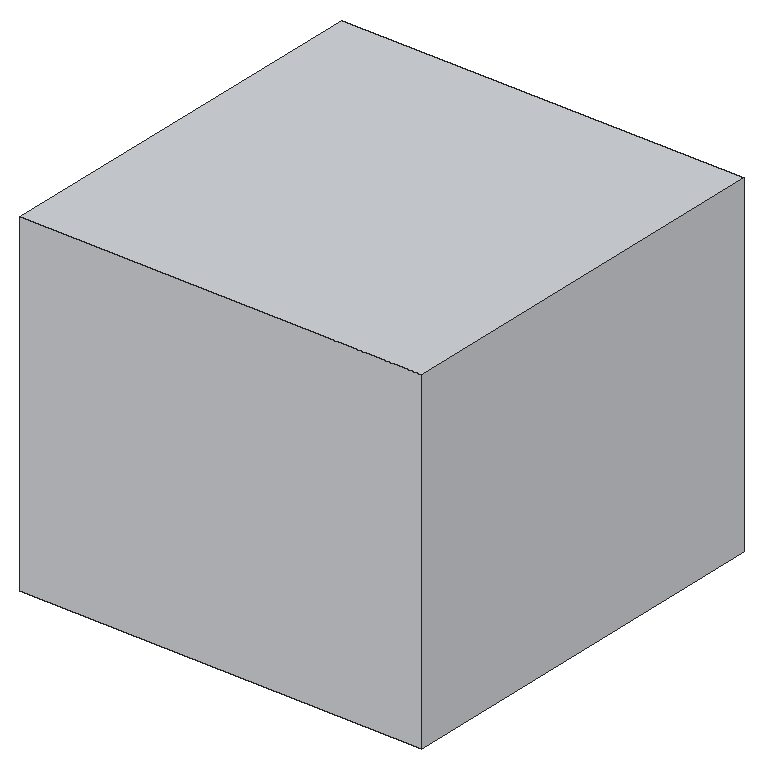
Revit family "2020_defaultFamily", category Generic Models, Revit 2020
Family settings
  Can host rebar = No
  Round Connector Dimension = Use Diameter
  Part Type = Normal
  Work Plane-Based = No
  Always vertical = Yes
  Cut with Voids When Loaded = No
  Shared = No
  Room Calculation Point = No
Parameters
  Default Elevation = 0 mm
Reference planes
  plane 1 "Center (Front/Back)": y = 0
  plane 2: z = 0
  plane 3 "Center (Left/Right)": x = 0
Forms (mm)
  Extrusion 1, solid
    sketch origin (0, 0, 0) x (1, 0, 0) y (0, 1, 0)
      loop
        line (0, 0) -> (300, 0) -> (300, 300) -> (0, 300) -> (0, 0)
    from 0 to 250
Dimensions and locks
  aligned and locked: level to plane 2
